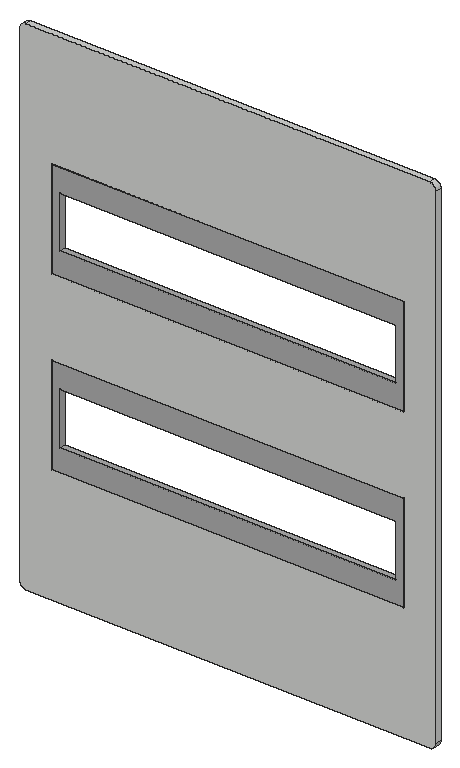
Revit family "Building-SurfaceMountingEnclosures-GEWISS-44CEP-PANELS_DIN_2X", category Apparecchi elettrici, Revit 2016
Family settings
  Mantenere orientamento annotazione = No
  Tipo di parte = Normale
  Quota connettore circolare = Usa diametro
  Numero OmniClass = 23.80.30.11.17
  Titolo OmniClass = Distribution Boards and Control Panels
  Basato su piano di lavoro = Sì
  Sempre verticale = No
  Taglio con vuoti quando caricato = No
  Condiviso = No
  Punto di calcolo locali = No
Parameters (values of type "GW44855 - COVER PANEL WITH WINDOW 32M.CEP 396X474")
  Watt = "NP"  # constant formula
  Voltaggio = "NP"  # constant formula
  Version file RFA = "18.0"
  URL = "https://www.gewiss.com/ww/en"
  Type of material = "Halogen free secondo norma EN 50267-2-2"
  Technical sheet = "https://www.gewiss.com/ww/en/search?q=GW44855"
  Suitable for = "Moulded case max 160 A"
  SEO = "Panel"
  Realized by GEWISS S.p.A. = ""
  Produttore = "GEWISS S.p.A."
  No. of modules EN 50022: = "32 (16X2)"
  No. of modules EN 50022 = "32 (16X2)"
  Modello = "GW44855"
  Larghezza foro = 288 mm
  Immagine tipo = GW44852.jpg
  IFC.TypeObject = ""
  IFC.ExportType = ""
  IFC.ExportAs = ""
  IDT = "3dba18c2-e06c-4975-a88f-cf74e63f23a9"
  IDF = "4ffa16c7-d548-412e-996d-a7089592d8a4"
  GEWISS SCHEDA TECNICA = "http://pro.gewiss.com/irj/portal/?NavigationTarget=pcd:portal_content/com.gewiss.ZPPFDMain/com.gewiss.ZPPFDITMain/com.gewiss.ZPPFDITMainDefault/com.gewiss.ZPPFDITPages/com.gewiss.ZPPFDITPagesAP/com.gewiss.ZPPFDITPagesAPCatalogo/com.gewiss.ZPPPDITAPProductDetail&codProd=GW44855"
  Default Elevation = 1219.2 mm
  Pannello = GEWISS - GRIGIO RAL 7035
  Lunghezza = 356 mm
  Spessore = 5 mm
  H_da terra = 547.11 mm
  For boards LxH (mm) = "396x474"
  For boards = "44 CEP"
  Electrocod = "1310"
  EAN code = "8011564111363"
  Distanza fori = 106 mm
  Descrizione = "COVER PANEL WITH WINDOW 32M.CEP 396X474"
  Cornice = GEWISS - GRIGIO
  Colour = "Grey RAL 7035"
  Characteristics = "Halogen free"
  Catalogue Range = "44 CEP"
  Catalogue = "BUILDING"
  COBie.Tagnumber = ""
  COBie.CreatedOn = ""
  COBie.CreatebBy = ""
  COBie.ComponentRegisterItemID = ""
  COBie.Component.TagNumber = ""
  COBie.Component.Space = ""
  COBie.Component.SerialNumber = ""
  COBie.Component.InstallationDate = ""
  COBie.Component.Description = ""
  COBie.Component.BarCode = ""
  Altezza = 434 mm
Types (3, lengths in mm): name | URL | Technical sheet | Suitable for | Produttore | No. of modules EN 50022: | No. of modules EN 50022 | Modello | Larghezza foro | IDT | GEWISS SCHEDA TECNICA | Lunghezza | For boards LxH (mm) | EAN code | Distanza fori | Descrizione | Altezza
  (no name) | 0 | "" | "" | 0 | "" | "" | 0 | 288 | "" | "http://pro.gewiss.com/irj/portal/?NavigationTarget=pcd:portal_content/com.gewiss.ZPPFDMain/com.gewiss.ZPPFDITMain/com.gewiss.ZPPFDITMainDefault/com.gewiss.ZPPFDITPages/com.gewiss.ZPPFDITPagesAP/com.gewiss.ZPPFDITPagesAPCatalogo/com.gewiss.ZPPPDITAPProductDetail&codProd=GW44855" | 356 | "" | "" | 106 | 0 | 434
  GW44854 - COVER PANEL WITH WINDOW 24M.CEP 316X396 | "https://www.gewiss.com/ww/en" | "https://www.gewiss.com/ww/en/search?q=GW44854" | "Moulded case max 125 A" | "GEWISS S.p.A." | "24 (12X2)" | "24 (12X2)" | "GW44854" | 216 | "919207d4-cdf5-42a6-8d8c-0b0ed13642d4" | "http://pro.gewiss.com/irj/portal/?NavigationTarget=pcd:portal_content/com.gewiss.ZPPFDMain/com.gewiss.ZPPFDITMain/com.gewiss.ZPPFDITMainDefault/com.gewiss.ZPPFDITPages/com.gewiss.ZPPFDITPagesAP/com.gewiss.ZPPFDITPagesAPCatalogo/com.gewiss.ZPPPDITAPProductDetail&codProd=GW44854" | 276 | "316x396" | "8011564111356" | 99 | "COVER PANEL WITH WINDOW 24M.CEP 316X396" | 356
  GW44855 - COVER PANEL WITH WINDOW 32M.CEP 396X474 | "https://www.gewiss.com/ww/en" | "https://www.gewiss.com/ww/en/search?q=GW44855" | "Moulded case max 160 A" | "GEWISS S.p.A." | "32 (16X2)" | "32 (16X2)" | "GW44855" | 288 | "3dba18c2-e06c-4975-a88f-cf74e63f23a9" | "http://pro.gewiss.com/irj/portal/?NavigationTarget=pcd:portal_content/com.gewiss.ZPPFDMain/com.gewiss.ZPPFDITMain/com.gewiss.ZPPFDITMainDefault/com.gewiss.ZPPFDITPages/com.gewiss.ZPPFDITPagesAP/com.gewiss.ZPPFDITPagesAPCatalogo/com.gewiss.ZPPPDITAPProductDetail&codProd=GW44855" | 356 | "396x474" | "8011564111363" | 106 | "COVER PANEL WITH WINDOW 32M.CEP 396X474" | 434
Values of the unnamed type that differ from the named types
  Version file RFA = ""
  Type of material = ""
  SEO = ""
  IDF = ""
  For boards = ""
  Electrocod = ""
  Colour = ""
  Characteristics = ""
  Catalogue Range = ""
  Catalogue = ""
Reference planes
  plane 1 "Centro (Fronte/Retro)": y = 0
  plane 2: z = 0
  plane 3 "Centro (Sinistra/Destra)": x = 0
  plane 4: x = -178
  plane 5: x = 178
  plane 6: y = 5
  plane 7: z = 547.11
  plane 8: z = 981.11
  plane 9: x = -144
  plane 10: x = 144
  plane 11: z = 764.11
  plane 12: x = -150.529
  plane 13: x = 150.529
  plane 14: z = 861.737
  plane 15: z = 817.11
  plane 16: z = 711.11
  plane 17: z = 666.11
  plane 18: z = 881.737
  plane 19: z = 797.11
  plane 20: z = 731.11
  plane 21: z = 646.483
Forms (mm)
  Extrusion 1, solid, material "GEWISS - GRIGIO RAL 7035" <- "Pannello"
    sketch origin (0, 0, 0) x (1, 0, 0) y (0, 0, 1)
      loop
        arc (-178, 552.497) -> (-176.422, 548.688) -> (-172.613, 547.11) r 5.387
        line (-172.613, 547.11) -> (172.613, 547.11)
        arc (172.613, 547.11) -> (176.422, 548.688) -> (178, 552.497) r 5.387
        line (178, 552.497) -> (178, 975.723)
        arc (178, 975.723) -> (176.422, 979.532) -> (172.613, 981.11) r 5.387
        line (172.613, 981.11) -> (-172.613, 981.11)
        arc (-172.613, 981.11) -> (-176.422, 979.532) -> (-178, 975.723) r 5.387
        line (-178, 975.723) -> (-178, 552.497)
      loop
        line (150.529, 881.737) -> (-150.529, 881.737) -> (-150.529, 797.11) -> (150.529, 797.11) -> (150.529, 881.737)
      loop
        line (150.529, 731.11) -> (-150.529, 731.11) -> (-150.529, 646.483) -> (150.529, 646.483) -> (150.529, 731.11)
    from -5 to 0
  Extrusion 2, solid, material "GEWISS - GRIGIO" <- "Cornice"
    sketch origin (0, 0, 0) x (1, 0, 0) y (0, 0, 1)
      loop
        line (-150.529, 881.737) -> (-150.529, 797.11) -> (150.529, 797.11) -> (150.529, 881.737) -> (-150.529, 881.737)
      loop
        line (-144, 861.737) -> (-144, 817.11) -> (144, 817.11) -> (144, 861.737) -> (-144, 861.737)
      loop
        line (-150.529, 731.11) -> (-150.529, 646.483) -> (150.529, 646.483) -> (150.529, 731.11) -> (-150.529, 731.11)
      loop
        line (-144, 711.11) -> (-144, 666.11) -> (144, 666.11) -> (144, 711.11) -> (-144, 711.11)
    from -5 to 0
Lines and regions (mm)
  Masking region 1
    outline origin (0, 0, 0) x (1, 0, 0) y (0, 1, 0)
      loop
        line (-178, 0) -> (178, 0) -> (178, 5) -> (-178, 5) -> (-178, 0)
  Masking region 2
    outline origin (0, 0, 0) x (0, 1, 0) y (0, 0, 1)
      loop
        line (0, 981.11) -> (0, 547.11) -> (5, 547.11) -> (5, 981.11) -> (0, 981.11)
Dimensions and locks
  "Spessore": plane 1 "Centro (Fronte/Retro)" to plane 6
  "H_da terra": plane 7 to plane 2
  "Altezza": plane 8 to plane 7
  equal spacing: plane 5, plane 3 "Centro (Sinistra/Destra)", plane 4
  "Lunghezza": plane 5 to plane 4
  "Larghezza foro": plane 10 to plane 9
  equal spacing: plane 10, plane 3 "Centro (Sinistra/Destra)", plane 9
  equal spacing: plane 13, plane 3 "Centro (Sinistra/Destra)", plane 12
  locked: plane 9 to plane 12 at 6.529
  locked: plane 16 to plane 17 at 45
  locked: plane 14 to plane 15 at 44.627
  "Distanza fori": plane 15 to plane 16
  locked: plane 18 to plane 14 at 20
  locked: plane 15 to plane 19 at 20
  locked: plane 20 to plane 16 at 20
  locked: plane 17 to plane 21 at 19.627
  equal spacing: plane 8, plane 11, plane 7
  equal spacing: plane 19, plane 11, plane 20
  aligned and locked: level to plane 2
  aligned and locked: plane 5 to Extrusion 1  (x4)
  aligned and locked: plane 3 "Centro (Sinistra/Destra)" to nested 1
  aligned and locked: plane 13 to nested 1
  aligned and locked: plane 12 to nested 1
  aligned and locked: Extrusion 2 sketch curve to nested 1  (x2)
  aligned and locked: plane 6 to Extrusion 2
  aligned and locked: plane 1 "Centro (Fronte/Retro)" to Extrusion 2
  aligned and locked: Extrusion 1 to plane 18
  aligned and locked: plane 21 to Extrusion 1
  aligned and locked: Extrusion 1 to plane 20
  aligned and locked: plane 12 to Extrusion 1  (x2)
  aligned and locked: Extrusion 1 to plane 13  (x2)
  aligned and locked: plane 18 to Extrusion 2
  aligned and locked: Extrusion 2 to plane 14
  aligned and locked: plane 15 to Extrusion 2
  aligned and locked: Extrusion 2 to plane 19
  aligned and locked: plane 20 to Extrusion 2
  aligned and locked: Extrusion 2 to plane 16
  aligned and locked: plane 17 to Extrusion 2
  aligned and locked: Extrusion 2 to plane 21
  aligned and locked: plane 9 to Extrusion 2
  aligned and locked: Extrusion 2 to plane 10
  aligned and locked: plane 13 to Extrusion 2  (x4)
  aligned and locked: Extrusion 2 to plane 12  (x4)
  aligned and locked: Extrusion 1 to plane 4  (x4)
  aligned and locked: nested 1 to plane 11
  aligned and locked: Extrusion 1 to Extrusion 2
  aligned and locked: Extrusion 1 sketch curve to plane 7
  aligned and locked: Extrusion 1 sketch curve to plane 8
  aligned and locked: plane 8 to Extrusion 1
  aligned and locked: Extrusion 1 to plane 7
Automatic sketch dimensions
  Extrusion 1 sketch curve to plane 4 = 0 mm
  Extrusion 1 sketch curve to plane 12 = 0 mm  (x2)
  Extrusion 1 sketch curve to plane 13 = 0 mm  (x2)
  Extrusion 1 sketch curve to plane 5 = 0 mm
  Extrusion 1 sketch curve to plane 21 = 0 mm
  Extrusion 1 sketch curve to plane 20 = 0 mm
  Extrusion 1 sketch curve to plane 19 = 0 mm
  Extrusion 1 sketch curve to plane 18 = 0 mm
  plane 4 to Extrusion 1 sketch curve = 5.387 mm
  Extrusion 1 sketch curve to Extrusion 1 sketch curve = 5.387 mm
  Extrusion 1 sketch curve to plane 5 = 5.387 mm  (x2)
  Masking region 1 sketch curve to plane 4 = 0 mm
  Masking region 1 sketch curve to plane 5 = 0 mm
  plane 1 "Centro (Fronte/Retro)" to Masking region 1 sketch curve = 0 mm
  Masking region 1 sketch curve to plane 6 = 0 mm
  Masking region 2 sketch curve to plane 1 "Centro (Fronte/Retro)" = 0 mm
  Masking region 2 sketch curve to plane 6 = 0 mm
  Masking region 2 sketch curve to plane 7 = 0 mm
  Masking region 2 sketch curve to plane 8 = 0 mm
  Extrusion 2 sketch curve to plane 12 = 0 mm  (x2)
  Extrusion 2 sketch curve to plane 9 = 0 mm
  Extrusion 2 sketch curve to plane 10 = 0 mm
  Extrusion 2 sketch curve to plane 13 = 0 mm  (x2)
  Extrusion 2 sketch curve to plane 21 = 0 mm
  Extrusion 2 sketch curve to plane 17 = 0 mm
  Extrusion 2 sketch curve to plane 16 = 0 mm
  Extrusion 2 sketch curve to plane 20 = 0 mm
  Extrusion 2 sketch curve to plane 19 = 0 mm
  Extrusion 2 sketch curve to plane 15 = 0 mm
  Extrusion 2 sketch curve to plane 14 = 0 mm
  Extrusion 2 sketch curve to plane 18 = 0 mm
Nested families
  nested 1: "2D - CEP PANNELLI DIN 2 FILE" at (0, 0, 764.11) x (1, 0, 0) z (0, -1, 0), Altezza <- "Altezza", Larghezza <- "Lunghezza", Larghezza foro <- "Larghezza foro", Distanza  fori <- "Distanza fori", type "1 foro"
    with Larghezza foro 288 mm, Larghezza 356 mm, Distanza  fori 106 mm, Altezza 434 mm
Definition of nested family "2D - CEP PANNELLI DIN 2 FILE"
  Parameters (values of type "1 foro")
    Larghezza foro [instance] = 252.046 mm
    Larghezza [instance] = 396 mm
    Distanza  fori [instance] = 228.559 mm
    Altezza foro = 45 mm  # constant formula
    Altezza [instance] = 474 mm
    2 fori = no
    1 foro = yes
  Types (2, lengths in mm): name | Larghezza foro | 2 fori | 1 foro
    1 foro | 252.046 | no | yes
    2 fori | 156 | yes | no
  Reference planes
    plane 1 "Centro (Fronte/Retro)": y = 0
    plane 2: z = 0
    plane 3 "Centro (Sinistra/Destra)": x = 0
    plane 4: x = -198
    plane 5: x = 198
    plane 6: y = 237
    plane 7: y = -237
    plane 8: x = -126.023
    plane 9: x = 126.023
    plane 10: x = -132.552
    plane 11: x = 132.552
    plane 12: y = 179.279
    plane 13: y = 159.279
    plane 14: y = 114.279
    plane 15: y = 94.279
    plane 16: y = -94.279
    plane 17: y = -114.279
    plane 18: y = -159.279
    plane 19: y = -179.279
  Lines and regions (mm)
    model lines, in view "Livello rif."
      curve 1: line (-188.613, -237, 0) -> (-192.172, -236.299, 0)
      curve 2: line (-192.172, -236.299, 0) -> (-195.251, -234.251, 0)
      curve 3: line (-195.251, -234.251, 0) -> (-197.445, -230.793, 0)
      curve 4: line (-197.445, -230.793, 0) -> (-198, -227.613, 0)
      curve 5: line (-198, -227.613, 0) -> (-198, 226.674, 0)
      curve 6: line (198, 226.674, 0) -> (198, -227.613, 0)
      curve 7: line (198, -227.613, 0) -> (197.281, -231.215, 0)
      curve 8: line (197.281, -231.215, 0) -> (195.251, -234.251, 0)
      curve 9: line (195.251, -234.251, 0) -> (192.25, -236.267, 0)
      curve 10: line (192.25, -236.267, 0) -> (188.613, -237, 0)
      curve 11: line (188.613, -237, 0) -> (-188.613, -237, 0)
      curve 12: line (-198, 226.674, 0) -> (-198, 227.613, 0)
      curve 13: line (-198, 227.613, 0) -> (-197.339, 231.072, 0)
      curve 14: line (-197.339, 231.072, 0) -> (-195.362, 234.137, 0)
      curve 15: line (-195.362, 234.137, 0) -> (-192.869, 235.98, 0)
      curve 16: line (-192.869, 235.98, 0) -> (-188.613, 237, 0)
      curve 17: line (-188.613, 237, 0) -> (188.613, 237, 0)
      curve 18: line (188.613, 237, 0) -> (192.796, 236.016, 0)
      curve 19: line (192.796, 236.016, 0) -> (195.251, 234.251, 0)
      curve 20: line (195.251, 234.251, 0) -> (197.047, 231.734, 0)
      curve 21: line (197.047, 231.734, 0) -> (198, 227.613, 0)
      curve 22: line (198, 227.613, 0) -> (198, 226.674, 0)
    detail lines, in view "Livello rif."
      curve 23: line (-126.023, 114.279, 0) -> (126.023, 114.279, 0)
      curve 24: line (-126.023, 159.279, 0) -> (-126.023, 114.279, 0)
      curve 25: line (126.023, 159.279, 0) -> (-126.023, 159.279, 0)
      curve 26: line (126.023, 114.279, 0) -> (126.023, 159.279, 0)
      curve 27: line (-132.552, 94.279, 0) -> (132.552, 94.279, 0)
      curve 28: line (-132.552, 179.279, 0) -> (-132.552, 94.279, 0)
      curve 29: line (132.552, 179.279, 0) -> (-132.552, 179.279, 0)
      curve 30: line (132.552, 94.279, 0) -> (132.552, 179.279, 0)
      curve 31: line (-126.023, -159.279, 0) -> (126.023, -159.279, 0)
      curve 32: line (-126.023, -114.279, 0) -> (-126.023, -159.279, 0)
      curve 33: line (126.023, -114.279, 0) -> (-126.023, -114.279, 0)
      curve 34: line (126.023, -159.279, 0) -> (126.023, -114.279, 0)
      curve 35: line (-132.552, -179.279, 0) -> (132.552, -179.279, 0)
      curve 36: line (-132.552, -94.279, 0) -> (-132.552, -179.279, 0)
      curve 37: line (132.552, -94.279, 0) -> (-132.552, -94.279, 0)
      curve 38: line (132.552, -179.279, 0) -> (132.552, -94.279, 0)
  Dimensions and locks
    equal spacing: plane 6, plane 1 "Centro (Fronte/Retro)", plane 7
    "Altezza": plane 6 to plane 7
    "Larghezza": plane 4 to plane 5
    equal spacing: plane 8, plane 3 "Centro (Sinistra/Destra)", plane 9
    "Larghezza foro": plane 8 to plane 9
    locked: plane 10 to plane 8 at 6.529
    locked: plane 9 to plane 11 at 6.529
    equal spacing: plane 4, plane 3 "Centro (Sinistra/Destra)", plane 5
    locked: plane 12 to plane 13 at 20
    locked: plane 14 to plane 15 at 20
    "Altezza foro": plane 14 to plane 13
    locked: plane 16 to plane 17 at 20
    locked: plane 18 to plane 19 at 20
    "Altezza foro": plane 18 to plane 17
    equal spacing: plane 15, plane 1 "Centro (Fronte/Retro)", plane 16
    "Distanza  fori": plane 14 to plane 17
    aligned and locked: curve 17 to plane 6
    aligned and locked: plane 7 to curve 11
    aligned and locked: curve 6 to plane 5
    aligned and locked: plane 4 to curve 5
    aligned and locked: curve 24 to plane 8
    aligned and locked: curve 26 to plane 9
    aligned and locked: curve 28 to plane 10
    aligned and locked: plane 11 to curve 30
    aligned and locked: plane 12 to curve 29
    aligned and locked: curve 27 to plane 15
    aligned and locked: curve 23 to plane 14
    aligned and locked: curve 25 to plane 13
    aligned and locked: plane 16 to curve 37
    aligned and locked: curve 33 to plane 17
    aligned and locked: curve 31 to plane 18
    aligned and locked: curve 35 to plane 19
  Automatic sketch dimensions
    curve 35 to plane 10 = 0 mm
    curve 33 to plane 8 = 0 mm
    curve 31 to plane 9 = 0 mm
    curve 38 to plane 11 = 0 mm
    plane 4 to curve 3 = 0.555 mm
    plane 4 to curve 13 = 0.661 mm
    plane 4 to curve 15 = 2.638 mm
    plane 4 to curve 3 = 2.749 mm
    curve 16 to plane 6 = 1.02 mm
    curve 14 to curve 16 = 2.493 mm
    plane 7 to curve 2 = 0.701 mm
    curve 2 to curve 2 = 3.078 mm
    curve 15 to curve 16 = 4.256 mm
    curve 1 to curve 1 = 3.56 mm
    curve 17 to plane 5 = 9.387 mm
    curve 10 to plane 5 = 9.387 mm
    plane 7 to curve 9 = 0.733 mm
    curve 10 to curve 9 = 3.637 mm
    curve 18 to plane 6 = 0.984 mm
    curve 17 to curve 18 = 4.183 mm
    curve 8 to plane 5 = 2.749 mm
    curve 19 to plane 5 = 2.749 mm
    curve 21 to plane 5 = 0.953 mm
    curve 7 to plane 5 = 0.719 mm
    plane 7 to curve 2 = 2.749 mm
    plane 7 to curve 8 = 2.749 mm
    curve 8 to curve 7 = 3.036 mm
    curve 2 to curve 4 = 3.458 mm
    curve 3 to curve 5 = 3.18 mm
    curve 7 to curve 6 = 3.602 mm
    curve 22 to plane 6 = 10.326 mm
    curve 12 to plane 6 = 10.326 mm
    curve 6 to curve 21 = 0.939 mm
    curve 5 to curve 12 = 0.939 mm
    curve 12 to curve 13 = 3.46 mm
    curve 21 to curve 20 = 4.121 mm
    curve 14 to plane 6 = 2.863 mm
    curve 20 to plane 6 = 2.749 mm
